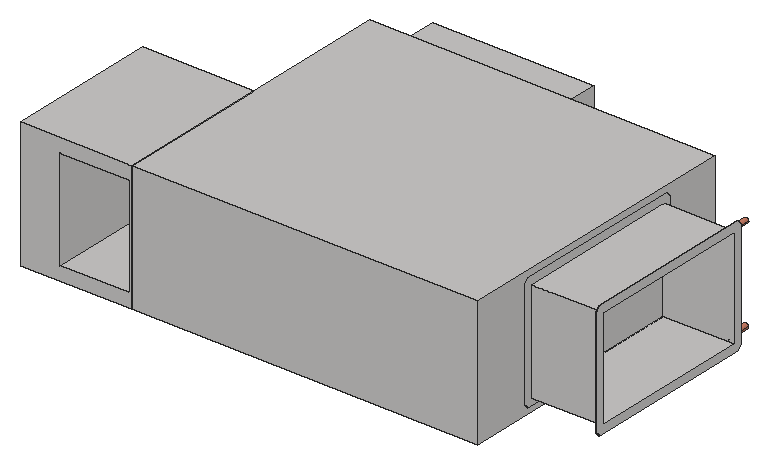
Revit family
Parameters
  Width = 3' - 1"
  Voltage = 120 V
  Unit Weight = if(and(Size Option = 1, Number of Rows = 1), "189.0 lbs", if(and(Size Option = 1, Number of Rows = 2), "192.0 lbs", if(and(Size Option = 2, Number of Rows = 1), "194.0 lbs", if(and(Size Option = 2, Number of Rows = 2), "197.0 lbs", "0"))))  # "189.0 lbs"
  UltraLoc Liner = Choose Liner Option = 3  # no
  URL = "http://www.titus-hvac.com/"
  UL = "181"
  Supply Air Flow [instance] = 0 CFM
  SteriLoc Liner = Choose Liner Option = 2  # no
  Size Option = 1
  Size C = Size Option = 2  # no
  Size B = Size Option = 1  # yes
  Secondary Material = Copper Connectors
  Primary Air Pressure Drop [instance] = 0.00 in-wg
  Primary Air Flow [instance] = 0 CFM
  Pressure [instance] = 0.00 psi
  Plenum Air Pressure Drop [instance] = 0.00 in-wg
  Plenum Air Flow [instance] = 0 CFM
  Outlet Width = 1' - 8 1/2"
  Outlet Height = 1' - 0 1/2"
  Number of Rows = 1
  Number of Poles = 1
  Nominal Width = Width + 0' 6 1/4"  # 3' - 7 1/4"
  Nominal Length = Length + 1' 1 7/8" + 0' 9"  # 5' - 5 7/8"
  Nominal Inlet Size = 0' - 8"
  Nominal Height = 1' - 4"
  NFPA = "90A"
  Motor Full Load Amps [instance] = 2.3 A
  Model = "DTFS-F"
  Min. Air Flow = 0 CFM
  Max. Air Flow = 900 CFM
  Material = Galvanized Steel
  Manufacturer = "Titus"
  Length = 3' - 7"
  Juction Box Offset = 0' - 2 7/8"
  Inlet Diameter = Nominal Inlet Size - 0' 0 1/8"  # 0' - 7 7/8"
  Induced Air Inlet Width = 1' - 1 7/8"
  Induced Air Inlet Offset = (Height - Induced Air Inlet Connection Height) / 2  # 0' - 1 11/16"
  Induced Air Inlet Height = 1' - 7"
  Induced Air Inlet Connection Width = 0' - 8 3/4"
  Induced Air Inlet Connection Height = 1' - 0 5/8"
  Induced Air Filter = no
  Height = 1' - 4"
  Heating Total Capacity [instance] = 0 Btu/h
  Heating Entering Water Temp = 0 °F
  Half Outlet Connection Width = Outlet Width / 2  # 0' - 10 1/4"
  Half Outlet Connection Height = Outlet Height / 2  # 0' - 6 1/4"
  Half Height Start = -(Height / 2)  # -0' - 8"
  Half Height End = Height / 2  # 0' - 8"
  HWC Option = HWC Section : B-C - 1 Row
  HWC Connector Radius = 5/16"
  HP-Motor = "1/6"
  Gallons Per Minute [instance] = 0 GPM
  Frequency = 60 Hz
  Flange Offset = 0' - 1"
  Filter Size = "11\"x14\""
  Fiber Free Liner = Choose Liner Option = 1  # no
  Fan Disconnect Switch = no
  Duct Radius = Nominal Inlet Size / 2  # 0' - 4"
  Description = "Ultra Quiet Series Fan Powered Terminal Unit, Direct Digital Control, Pressure Independent"
  Connector Vertical Offset = 0' - 11 3/4"
  HWC Connector Length = 0' - 3"
  Connector Horizontal Offset = if(Number of Rows = 1, 0' 0", if(Number of Rows = 2, 0' 1", 0' 0"))  # 0' - 0"
  Connection Void Radius = Connection Radius - 0' 0 1/4"  # 0' - 3 11/16"
  Connection Radius = Inlet Diameter / 2  # 0' - 3 15/16"
  Choose Liner Option = 0
  CADworks URL = "www.CADworks.net"
  Assembly Code = "D3040100"
  Apparent Power [instance] = Voltage * Motor Full Load Amps  # 276 VA
  Air Inlet Offset = 0' - 6"
  1/2" Fiberglass Liner = Choose Liner Option = 0  # yes
  1" Fiberglass Liner = Choose Liner Option = 4  # no
Reference planes (in)
  plane 1 "Center (Front/Back)": y = 0
  plane 2: z = 0
  plane 3 "Center (Left/Right)": x = 3
  plane 4: x = -18.5
  plane 5: x = 24.5
  plane 6: x = -15.625
  plane 7: x = -21.875
  plane 8: z = 0
  plane 9: y = -18.5
  plane 10: y = 18.5
  plane 11: y = 12.5
  plane 12: z = 0
  plane 13: x = 33.5
  plane 14: x = 32.5
  plane 15: y = 13.25
  plane 16: y = 10.25
  plane 17: z = 5.875
  plane 18: z = -5.875
  plane 19: x = 32.5
  plane 20: x = -32.375
  plane 21: y = 24.75
  plane 22: z = 8
  plane 23: z = -8
Forms (in)
  Extrusion 1, solid, material "Galvanized Steel" <- "Material"
    sketch origin (0, 0, 0) x (1, 0, 0) y (0, 1, 0)
      loop
        line (-18.5, 18.5) -> (-18.5, -18.5) -> (24.5, -18.5) -> (24.5, 18.5) -> (-18.5, 18.5)
    from -8 <- "Half Height Start" to 8 <- "Half Height End"
  Extrusion 2, solid, material "Galvanized Steel" <- "Material"
    sketch origin (0, 0, 0) x (1, 0, 0) y (0, 1, 0)
      loop
        line (-32.375, 0.5) -> (-32.375, -18.5) -> (-18.5, -18.5) -> (-18.5, 0.5) -> (-32.375, 0.5)
    from -8 <- "Half Height Start" to 8 <- "Half Height End"
  Extrusion 3, void
    sketch origin (0, -18.5, 0) x (1, 0, 0) y (0, 0, -1)
      loop
        line (-18.75, 6.3125) -> (-27.5, 6.3125) -> (-27.5, -6.3125) -> (-18.75, -6.3125) -> (-18.75, 6.3125)
    from 0 to 16
  Extrusion 4, solid, material "Galvanized Steel" <- "Material"
    sketch origin (3, 0, 30) x (1, 0, 0) y (0, 1, 0)
      loop
        line (-18.625, 18.5) -> (1.375, 18.5) -> (1.375, 24.75) -> (-18.625, 24.75) -> (-18.625, 18.5)
    from -36 to -24
  Extrusion 5, solid, material "Galvanized Steel" <- "Material"
    sketch origin (-24.875, -2, 0) x (0, 0, -1) y (0, 1, 0)
      loop
        circle (0, 14.5) r 3.9375
    from 3 to 6.375
  Extrusion 6, void
    sketch origin (-24.875, 0, 0) x (0, 1, 0) y (0, 0, 1)
      loop
        circle (12.5, 0) r 3.6875
    from 3 to 9.25
  Extrusion 7, void, detail levels fine
    sketch origin (33.5, -10.25, 6.25) x (0, 0, 1) y (0, -1, 0)
      loop
        line (-12.5, 0) -> (-12.5, -20.5) -> (0, -20.5) -> (0, 0) -> (-12.5, 0)
    from -0.0625 to 0
  Extrusion 8, solid, material "Copper Connectors" <- "Secondary Material", detail levels fine
    sketch origin (0, 0, 0) x (1, 0, 0) y (0, 0, 1)
      loop
        circle (32.5, 5.875) r 0.3125
    from -13.25 to -10.3125
  Extrusion 9, solid, material "Copper Connectors" <- "Secondary Material", detail levels fine
    sketch origin (0, 0, 0) x (1, 0, 0) y (0, 0, 1)
      loop
        circle (32.5, -5.875) r 0.3125
    from -13.25 to -10.3125
Cuts and joins
  Extrusion 3 cuts Extrusion 2
  Extrusion 6 cuts Extrusion 1
  Extrusion 6 cuts Extrusion 5
Dimensions and locks (in)
  "Length": plane 5 to plane 4
  equal spacing: plane 5, plane 3 "Center (Left/Right)", plane 4
  locked: Extrusion 4 to plane 6 at 0
  locked: Extrusion 4 to Extrusion 4 at 20
  "Juction Box Offset": plane 6 to plane 4
  locked: plane 4 to plane 7 at 3.375
  "Width": plane 9 to plane 10
  equal spacing: plane 9, plane 1 "Center (Front/Back)", plane 10
  locked: Extrusion 5 sketch curve to level at 0
  locked: Extrusion 5 sketch curve to plane 11 at 0
  locked: Extrusion 6 sketch curve to level at 0
  locked: Extrusion 6 sketch curve to plane 11 at 0
  locked: Extrusion 4 to Extrusion 4 at 6.25
  locked: Extrusion 4 to Extrusion 4 at 12
  equal spacing: Extrusion 4, plane 8, Extrusion 4
  "Air Inlet Offset": plane 10 to plane 11
  "Induced Air Inlet Height": cut or joined group of Extrusion 2, Extrusion 3 to cut or joined group of Extrusion 2, Extrusion 3
  locked: cut or joined group of Extrusion 5, Extrusion 6 to cut or joined group of Extrusion 5, Extrusion 6 at 3.375
  "Induced Air Inlet Connection Height": Extrusion 3 sketch curve to Extrusion 3 sketch curve
  "Induced Air Inlet Offset": Extrusion 3 sketch curve to cut or joined group of Extrusion 2, Extrusion 3
  "Induced Air Inlet Connection Width": Extrusion 3 sketch curve to Extrusion 3 sketch curve
  locked: Extrusion 3 sketch curve to cut or joined group of Extrusion 1, Extrusion 6 at 0.25
  locked: plane 5 to plane 13 at 9
  locked: plane 14 to plane 13 at 1
  locked: plane 17 to plane 18 at 11.75
  equal spacing: plane 17, plane 12, plane 18
  "Connector Horizontal Offset": plane 19 to plane 14
  "HWC Connector Length": plane 16 to plane 15
  locked: cut or joined group of Extrusion 2, Extrusion 3 to cut or joined group of Extrusion 2, Extrusion 3 at 16
  equal spacing: cut or joined group of Extrusion 2, Extrusion 3, plane 12, cut or joined group of Extrusion 2, Extrusion 3
  locked: cut or joined group of Extrusion 1, Extrusion 6 to cut or joined group of Extrusion 2, Extrusion 3 at 16
  equal spacing: cut or joined group of Extrusion 1, Extrusion 6, plane 12, cut or joined group of Extrusion 1, Extrusion 6
  locked: cut or joined group of Extrusion 2, Extrusion 3 to cut or joined group of Extrusion 2, Extrusion 3 at 13.875
  locked: nested 1 to cut or joined group of Extrusion 1, Extrusion 6 at 1.6875
  locked: cut or joined group of Extrusion 1, Extrusion 6 to nested 1 at 1.6875
  "Connection Radius": radius of Extrusion 5 sketch curve
  "Connection Void Radius": radius of Extrusion 6 sketch curve
  "HWC Connector Radius": radius of Extrusion 8 sketch curve
  "HWC Connector Radius": radius of Extrusion 9 sketch curve
  aligned and locked: plane 10 to Extrusion 4
  aligned and locked: plane 7 to cut or joined group of Extrusion 5, Extrusion 6
  aligned and locked: plane 9 to cut or joined group of Extrusion 2, Extrusion 3  (x3)
  aligned and locked: nested 1 to Extrusion 8
  aligned and locked: plane 15 to Extrusion 8
  aligned and locked: nested 1 to Extrusion 9
  aligned and locked: plane 15 to Extrusion 9
  aligned and locked: plane 5 to cut or joined group of Extrusion 1, Extrusion 6
  aligned and locked: cut or joined group of Extrusion 1, Extrusion 6 to plane 10
  aligned and locked: plane 9 to cut or joined group of Extrusion 1, Extrusion 6
  aligned and locked: cut or joined group of Extrusion 1, Extrusion 6 to plane 4
  aligned and locked: cut or joined group of Extrusion 1, Extrusion 6 to nested 1
  aligned and locked: cut or joined group of Extrusion 5, Extrusion 6 to cut or joined group of Extrusion 1, Extrusion 6
  aligned and locked: cut or joined group of Extrusion 2, Extrusion 3 to cut or joined group of Extrusion 1, Extrusion 6
  aligned and locked: Extrusion 6 to plane 7
  aligned and locked: plane 6 to Extrusion 6
  aligned and locked: plane 22 to cut or joined group of Extrusion 2, Extrusion 3
  aligned and locked: plane 22 to cut or joined group of Extrusion 1, Extrusion 6
  aligned and locked: plane 23 to cut or joined group of Extrusion 2, Extrusion 3
  aligned and locked: plane 23 to cut or joined group of Extrusion 1, Extrusion 6
  aligned and locked: plane 21 to Extrusion 4
  aligned and locked: plane 20 to cut or joined group of Extrusion 2, Extrusion 3
  aligned and locked: plane 13 to nested 1
Automatic sketch dimensions
  Extrusion 1 sketch curve to plane 4 = 0' - 0"
  Extrusion 1 sketch curve to plane 5 = 0' - 0"
  Extrusion 1 sketch curve to plane 9 = 0' - 0"
  Extrusion 1 sketch curve to plane 10 = 0' - 0"
  Extrusion 2 sketch curve to plane 4 = 0' - 0"
  Extrusion 2 sketch curve to plane 9 = 0' - 0"
  Extrusion 2 sketch curve to plane 1 "Center (Front/Back)" = 0' - 0 1/2"
  Extrusion 4 sketch curve to plane 6 = 0' - 0"
  Extrusion 4 sketch curve to plane 10 = 0' - 0"
  plane 3 "Center (Left/Right)" to Extrusion 4 sketch curve = 0' - 1 3/8"
  Extrusion 4 sketch curve to plane 10 = 0' - 6 1/4"
  Extrusion 2 sketch curve to plane 7 = 0' - 10 1/2"
  Extrusion 7 sketch curve to nested 1 = 0' - 0"  (x4)
  Extrusion 8 sketch curve to plane 17 = 0' - 0"
  Extrusion 8 sketch curve to plane 19 = 0' - 0"
  Extrusion 9 sketch curve to plane 14 = 0' - 0"
  Extrusion 9 sketch curve to plane 18 = 0' - 0"
Nested families (in)
  nested 1: "HWC Section" at (29, 0, 0) x (0, 1, 0) z (0, 0, 1), type <- "HWC Option", type "B-C - 1 Row"
Connectors (in)
  electrical at (-5.625, 24.75, 0), driven by "Apparent Power", driven by "Voltage", driven by "Number of Poles"
    settings: on Extrusion 4, index 8
  hvac at (-21.875, 12.5, 0), driven by "Duct Radius", driven by "Primary Air Pressure Drop", driven by "Primary Air Flow"
    settings: on cut or joined group of Extrusion 5, Extrusion 6, index 9
  hvac at (-23.125, -18.5, 0), driven by "Induced Air Inlet Connection Height", driven by "Induced Air Inlet Connection Width", driven by "Plenum Air Pressure Drop", driven by "Plenum Air Flow"
    settings: on cut or joined group of Extrusion 2, Extrusion 3, index 10
  hvac at (33.5, 0, 0), driven by "Outlet Height", driven by "Outlet Width", driven by "Supply Air Flow"
    settings: on Extrusion 7, index 11
  piping at (32.5, 13.25, 5.875), driven by "Gallons Per Minute", driven by "Pressure", driven by "HWC Connector Radius"
    settings: on Extrusion 8, index 12
  piping at (32.5, 13.25, -5.875), driven by "Gallons Per Minute", driven by "HWC Connector Radius", driven by "Pressure"
    settings: on Extrusion 9, index 13
Definition of nested family "HWC Section"
  Parameters (values of type "B-C - 1 Row")
    Visibility = yes
    Secondary Material = Copper Connectors
    Number of Rows = 1
    Material = Galvanized Steel
    Half Width = HWC Width / 2  # 0' - 10 1/4"
    Half Length-Start = -(HWC Length / 2)  # -0' - 4 1/2"
    Half Length-End = HWC Length / 2  # 0' - 4 1/2"
    HWC Connection Radius = 5/16"
    Flange Offset = 0' - 1"
    Duct Vertical Offset = HWC Height - 0' 0 1/2"  # 1' - 0"
    Duct Horizontal Offset = HWC Width - 0' 0 1/2"  # 1' - 8"
    Connector Vertical Offset = 0' - 11 3/4"
    HWC Width = 1' - 8 1/2"
    HWC Height = 1' - 0 1/2"
    HWC Length = 0' - 9"  # constant formula
    Gallons Per Minute = 0 GPM
    Connector Length = 0' - 3"
    Connector Horizontal Offset = 0' - 0"
  Types (5): name | Number of Rows | Half Width | Flange Offset | Duct Vertical Offset | Duct Horizontal Offset | Connector Vertical Offset | HWC Width | HWC Height | Connector Horizontal Offset
    (no name) | 1 | 0' - 10 1/4" | 0' - 1" | 1' - 0" | 1' - 8" | 0' - 11 3/4" | 1' - 8 1/2" | 1' - 0 1/2" | 0' - 0"
    B-C - 1 Row | 1 | 0' - 10 1/4" | 0' - 1" | 1' - 0" | 1' - 8" | 0' - 11 3/4" | 1' - 8 1/2" | 1' - 0 1/2" | 0' - 0"
    B-C - 2 Row | 2 | 0' - 10 1/4" | 0' - 1" | 1' - 0" | 1' - 8" | 0' - 11 3/4" | 1' - 8 1/2" | 1' - 0 1/2" | 0' - 1"
    D-E - 1 Row | 1 | 1' - 0 1/2" | 0' - 1 1/4" | 1' - 5" | 2' - 0 1/2" | 1' - 4 1/4" | 2' - 1" | 1' - 5 1/2" | 0' - 0"
    D-E - 2 Row | 2 | 1' - 0 1/2" | 0' - 1 1/4" | 1' - 5" | 2' - 0 1/2" | 1' - 4 3/4" | 2' - 1" | 1' - 5 1/2" | 0' - 1"
  Reference planes (in)
    plane 1 "Center (Front/Back)": y = 0
    plane 2: z = 0
    plane 3 "Center (Left/Right)": x = 0
    plane 4: x = -10.25
    plane 5: x = 10.25
    plane 6: y = 4.5
    plane 7: y = -4.5
    plane 8: z = 6.25
    plane 9: z = -6.25
    plane 10: z = 5.875
    plane 11: z = -5.875
    plane 12: y = 3.5
    plane 13: y = 3.5
    plane 14: x = 13.25
  Forms (in)
    Extrusion 1, solid, material "Galvanized Steel" <- "Material", visible <- "Visibility"
      sketch origin (0, 0, 0) x (1, 0, 0) y (0, 0, 1)
        loop
          line (-10.3125, 6.3125) -> (-10.3125, -6.3125) -> (10.3125, -6.3125) -> (10.3125, 6.3125) -> (-10.3125, 6.3125)
      from -4.375 <- "Half Length-Start" to 4.5 <- "Half Length-End"
    Extrusion 2, void, detail levels fine
      sketch origin (0, 0, 0) x (1, 0, 0) y (0, 0, 1)
        loop
          line (-10.25, -6.25) -> (10.25, -6.25) -> (10.25, 6.25) -> (-10.25, 6.25) -> (-10.25, -6.25)
      from -4.5 <- "Half Length-Start" to 4.5 <- "Half Length-End"
    Extrusion 3, solid, material "Copper Connectors" <- "Secondary Material", visible <- "Visibility"
      sketch origin (6, 2.625, 0) x (0, 1, 0) y (0, 0, 1)
        loop
          circle (0.875, -5.875) r 0.3125
      from 4.3125 to 7.25
    Extrusion 4, solid, material "Galvanized Steel" <- "Material", visible <- "Visibility"
      sketch origin (0, -4.375, 0) x (1, 0, 0) y (0, 0, 1)
        loop
          line (-10.25, 6.25) -> (-10.25, -6.25) -> (10.25, -6.25) -> (10.25, 6.25) -> (-10.25, 6.25)
        loop
          line (-11.25, 6.75) -> (-11.25, -6.75) -> (-10.75, -7.25) -> (10.75, -7.25) -> (11.25, -6.75) -> (11.25, 6.75) -> (10.75, 7.25) -> (-10.75, 7.25) -> (-11.25, 6.75)
      from 0 to 0.125
    Extrusion 5, solid, material "Copper Connectors" <- "Secondary Material", visible <- "Visibility"
      sketch origin (6, -0.5, 0) x (0, 1, 0) y (0, 0, 1)
        loop
          circle (4, 5.875) r 0.3125
      from 4.3125 to 7.25
    Extrusion 6, solid, material "Galvanized Steel" <- "Material", visible <- "Visibility"
      sketch origin (0, 4.375, 0) x (1, 0, 0) y (0, 0, -1)
        loop
          line (-10.25, -6.25) -> (10.25, -6.25) -> (10.25, 6.25) -> (-10.25, 6.25) -> (-10.25, -6.25)
        loop
          line (-11.25, -6.75) -> (-10.75, -7.25) -> (10.75, -7.25) -> (11.25, -6.75) -> (11.25, 6.75) -> (10.75, 7.25) -> (-10.75, 7.25) -> (-11.25, 6.75) -> (-11.25, -6.75)
      from 0 to 0.125
  Cuts and joins
    Extrusion 2 cuts Extrusion 1
    joined: Extrusion 1, Extrusion 4, Extrusion 6
  Dimensions and locks (in)
    "HWC Width": plane 4 to plane 5
    equal spacing: plane 4, plane 3 "Center (Left/Right)", plane 5
    "HWC Height": plane 8 to plane 9
    equal spacing: plane 8, plane 2, plane 9
    equal spacing: plane 10, plane 2, plane 11
    locked: plane 12 to plane 6 at 1
    "Connector Horizontal Offset": plane 13 to plane 12
    locked: plane 7 to Extrusion 4 at 0.125
    locked: Extrusion 6 to plane 6 at 0.125
    locked: plane 4 to Extrusion 1 sketch curve at 0.0625
    locked: Extrusion 4 to Extrusion 1 sketch curve at 0.0625
    locked: Extrusion 1 sketch curve to plane 8 at 0.0625
    locked: plane 9 to Extrusion 1 sketch curve at 0.0625
    "Connector Length": plane 5 to plane 14
    "HWC Length": plane 6 to plane 7
    equal spacing: plane 6, plane 1 "Center (Front/Back)", plane 7
    "Connector Vertical Offset": plane 10 to plane 11
    equal spacing: plane 10, level, plane 11
    "HWC Width": Extrusion 4 sketch curve to Extrusion 4 sketch curve
    equal spacing: Extrusion 4 sketch curve, plane 3 "Center (Left/Right)", Extrusion 4 sketch curve
    "HWC Height": Extrusion 4 sketch curve to Extrusion 4 sketch curve
    equal spacing: Extrusion 4 sketch curve, plane 2, Extrusion 4 sketch curve
    "Flange Offset": cut or joined group of Extrusion 1, Extrusion 2, Extrusion 4, Extrusion 6 to plane 8
    "Flange Offset": plane 9 to cut or joined group of Extrusion 1, Extrusion 2, Extrusion 4, Extrusion 6
    locked: cut or joined group of Extrusion 1, Extrusion 2, Extrusion 4, Extrusion 6 to plane 4 at 1  (x2)
    locked: cut or joined group of Extrusion 1, Extrusion 2, Extrusion 4, Extrusion 6 to plane 5 at 1  (x2)
    "HWC Width": Extrusion 6 sketch curve to Extrusion 6 sketch curve
    "HWC Height": Extrusion 6 sketch curve to Extrusion 6 sketch curve
    equal spacing: Extrusion 6 sketch curve, plane 3 "Center (Left/Right)", Extrusion 6 sketch curve
    equal spacing: Extrusion 6 sketch curve, plane 2, Extrusion 6 sketch curve
    "HWC Height": Extrusion 2 sketch curve to Extrusion 2 sketch curve
    "HWC Width": Extrusion 2 sketch curve to Extrusion 2 sketch curve
    equal spacing: Extrusion 2 sketch curve, plane 3 "Center (Left/Right)", Extrusion 2 sketch curve
    equal spacing: Extrusion 2 sketch curve, plane 2, Extrusion 2 sketch curve
    locked: plane 5 to Extrusion 3 at 0.0625
    locked: plane 5 to Extrusion 5 at 0.0625
    "Flange Offset": Extrusion 6 sketch curve to plane 8  (x2)
    "Flange Offset": plane 9 to Extrusion 6 sketch curve  (x2)
    "HWC Connection Radius": radius of Extrusion 3 sketch curve
    "HWC Connection Radius": radius of Extrusion 5 sketch curve
    aligned and locked: plane 7 to Extrusion 4
    aligned and locked: plane 6 to Extrusion 6
    aligned and locked: plane 14 to Extrusion 5
    aligned and locked: plane 14 to Extrusion 3
    aligned and locked: Extrusion 6 to cut or joined group of Extrusion 1, Extrusion 2, Extrusion 4, Extrusion 6
    aligned and locked: Extrusion 4 to Extrusion 4
  Automatic sketch dimensions
    Extrusion 3 sketch curve to plane 11 = 0' - 0"
    Extrusion 3 sketch curve to plane 12 = 0' - 0"
    plane 4 to Extrusion 4 sketch curve = 0' - 1"
    plane 4 to Extrusion 4 sketch curve = 0' - 0 1/2"  (x2)
    Extrusion 4 sketch curve to plane 5 = 0' - 0 1/2"  (x2)
    Extrusion 4 sketch curve to Extrusion 4 sketch curve = 0' - 0 1/2"  (x3)
    Extrusion 4 sketch curve to plane 9 = 0' - 0 1/2"  (x2)
    plane 8 to Extrusion 4 sketch curve = 0' - 0 1/2"  (x2)
    Extrusion 5 sketch curve to plane 10 = 0' - 0"
    Extrusion 5 sketch curve to plane 13 = 0' - 0"
    plane 4 to Extrusion 6 sketch curve = 0' - 1"
    plane 4 to Extrusion 6 sketch curve = 0' - 0 1/2"  (x2)
    Extrusion 6 sketch curve to plane 5 = 0' - 0 1/2"  (x2)
    Extrusion 6 sketch curve to Extrusion 6 sketch curve = 0' - 0 1/2"  (x2)
    plane 8 to Extrusion 6 sketch curve = 0' - 0 1/2"  (x2)
    Extrusion 6 sketch curve to plane 9 = 0' - 0 1/2"
